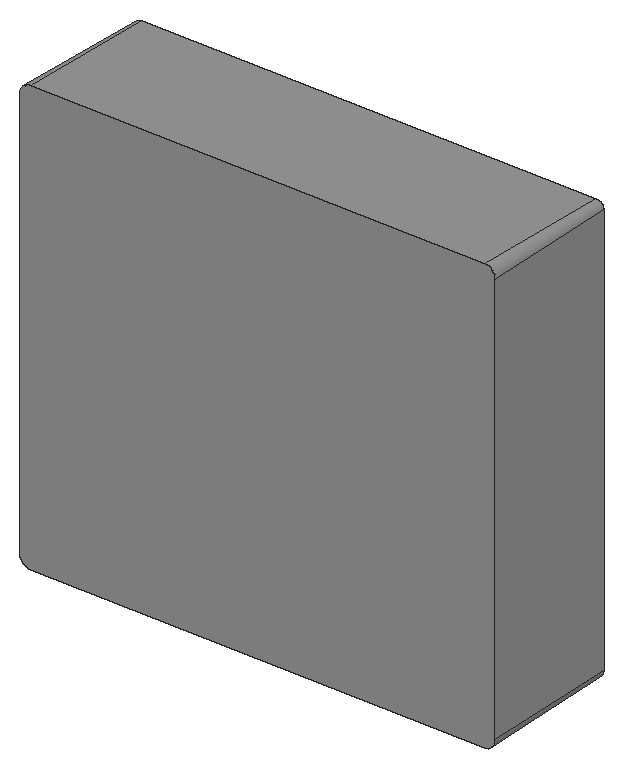
Revit family "L&L_LUCE&LIGHT_PASITO_1.2", category Lighting Fixtures, host Wall, Revit 2018 (continued)
Types (2, lengths in mm): name | Photometric Web File | built-in parameter 1150142
    0.00 0.00 \r\n0.00 0.00 0.00 0.00 0.00 0.00 0.00 0.00 0.00 0.00 0.00 \r\n0.00 0.00 0.00 0.00 0.00 0.00 0.00 0.00 0.00 0.00 0.00 \r\n0.00 0.00 0.00 0.00 0.00 0.00 0.00 0.00 0.00 0.00 0.00 \r\n0.00 0.00 0.00 0.00 0.00 0.00 0.00 0.00 0.00 0.00 0.00 \r\n0.00 0.00 0.00 0.00 0.00 0.00 0.00 0.00 0.00 0.00 0.00 \r\n0.00 0.00 0.00 0.01 0.02 \r\n0.14 0.09 0.05 0.00 0.00 0.00 0.00 0.00 0.00 0.00 0.00 \r\n0.00 0.00 0.00 0.00 0.00 0.00 0.00 0.00 0.00 0.00 0.00 \r\n0.00 0.00 0.00 0.00 0.00 0.00 0.00 0.00 0.00 0.00 0.00 \r\n0.00 0.00 0.00 0.00 0.00 0.00 0.00 0.00 0.00 0.00 0.00 \r\n0.00 0.00 0.00 0.00 0.00 0.00 0.00 0.00 0.00 0.00 0.00 \r\n0.00 0.00 0.00 0.00 0.00 0.00 0.00 0.00 0.00 0.00 0.00 \r\n0.00 0.00 0.00 0.00 0.00 0.00 0.00 0.00 0.00 0.00 0.00 \r\n0.00 0.00 0.00 0.00 0.00 0.00 0.00 0.00 0.00 0.00 0.00 \r\n0.00 0.00 0.00 0.00 0.00 0.00 0.00 0.00 0.00 0.00 0.00 \r\n0.00 0.00 0.00 0.00 0.00 0.00 0.00 0.00 0.00 0.00 0.00 \r\n0.00 0.00 0.00 0.00 0.00 0.00 0.00 0.00 0.00 0.00 0.00 \r\n0.00 0.00 0.00 0.00 0.00 0.00 0.00 0.00 0.00 0.00 0.00 \r\n0.00 0.00 0.00 0.00 0.00 0.00 0.00 0.00 0.00 0.00 0.00 \r\n0.00 0.00 0.00 0.00 0.00 0.00 0.00 0.00 0.00 0.00 0.00 \r\n0.00 0.00 0.00 0.00 0.00 0.00 0.00 0.00 0.00 0.00 0.00 \r\n0.00 0.00 0.00 0.00 0.00 0.00 0.00 0.00 0.00 0.00 0.00 \r\n0.00 0.00 0.01 0.01 0.02 \r\n0.14 0.11 0.07 0.03 0.00 0.00 0.00 0.00 0.00 0.00 0.00 \r\n0.00 0.00 0.00 0.00 0.00 0.00 0.00 0.00 0.00 0.00 0.00 \r\n0.00 0.00 0.00 0.00 0.00 0.00 0.00 0.00 0.00 0.00 0.00 \r\n0.00 0.00 0.00 0.00 0.00 0.00 0.00 0.00 0.00 0.00 0.00 \r\n0.00 0.00 0.00 0.00 0.00 0.00 0.00 0.00 0.00 0.00 0.00 \r\n0.00 0.00 0.00 0.00 0.00 0.00 0.00 0.00 0.00 0.00 0.00 \r\n0.00 0.00 0.00 0.00 0.00 0.00 0.00 0.00 0.00 0.00 0.00 \r\n0.00 0.00 0.00 0.00 0.00 0.00 0.00 0.00 0.00 0.00 0.00 \r\n0.00 0.00 0.00 0.00 0.00 0.00 0.00 0.00 0.00 0.00 0.00 \r\n0.00 0.00 0.00 0.00 0.00 0.00 0.00 0.00 0.00 0.00 0.00 \r\n0.00 0.00 0.00 0.00 0.00 0.00 0.00 0.00 0.00 0.00 0.00 \r\n0.00 0.00 0.00 0.00 0.00 0.00 0.00 0.00 0.00 0.00 0.00 \r\n0.00 0.00 0.00 0.00 0.00 0.00 0.00 0.00 0.00 0.00 0.00 \r\n0.00 0.00 0.00 0.00 0.00 0.00 0.00 0.00 0.00 0.00 0.00 \r\n0.00 0.00 0.00 0.00 0.00 0.00 0.00 0.00 0.00 0.00 0.00 \r\n0.00 0.00 0.00 0.00 0.00 0.00 0.00 0.00 0.00 0.00 0.00 \r\n0.00 0.01 0.01 0.01 0.02 \r\n0.14 0.12 0.09 0.07 0.04 0.02 0.00 0.00 0.00 0.00 0.00 \r\n0.00 0.00 0.00 0.00 0.00 0.00 0.00 0.00 0.00 0.00 0.00 \r\n0.00 0.00 0.00 0.00 0.00 0.00 0.00 0.00 0.00 0.00 0.00 \r\n0.00 0.00 0.00 0.00 0.00 0.00 0.00 0.00 0.00 0.00 0.00 \r\n0.00 0.00 0.00 0.00 0.00 0.00 0.00 0.00 0.00 0.00 0.00 \r\n0.00 0.00 0.00 0.00 0.00 0.00 0.00 0.00 0.00 0.00 0.00 \r\n0.00 0.00 0.00 0.00 0.00 0.00 0.00 0.00 0.00 0.00 0.00 \r\n0.00 0.00 0.00 0.00 0.00 0.00 0.00 0.00 0.00 0.00 0.00 \r\n0.00 0.00 0.00 0.00 0.00 0.00 0.00 0.00 0.00 0.00 0.00 \r\n0.00 0.00 0.00 0.00 0.00 0.00 0.00 0.00 0.00 0.00 0.00 \r\n0.00 0.00 0.00 0.00 0.00 0.00 0.00 0.00 0.00 0.00 0.00 \r\n0.00 0.00 0.00 0.00 0.00 0.00 0.00 0.00 0.00 0.00 0.00 \r\n0.00 0.00 0.00 0.00 0.00 0.00 0.00 0.00 0.00 0.00 0.00 \r\n0.00 0.00 0.00 0.00 0.00 0.00 0.00 0.00 0.00 0.00 0.00 \r\n0.00 0.00 0.00 0.00 0.00 0.00 0.00 0.00 0.00 0.00 0.00 \r\n0.00 0.00 0.00 0.00 0.00 0.00 0.00 0.00 0.00 0.00 0.01 \r\n0.01 0.01 0.02 0.02 0.02 \r\n0.14 0.13 0.11 0.10 0.09 0.08 0.07 0.06 0.05 0.03 0.02 \r\n0.01 0.00 0.00 0.00 0.00 0.00 0.00 0.00 0.00 0.00 0.00 \r\n0.00 0.00 0.00 0.00 0.00 0.00 0.00 0.00 0.00 0.00 0.00 \r\n0.00 0.00 0.00 0.00 0.00 0.00 0.00 0.00 0.00 0.00 0.00 \r\n0.00 0.00 0.00 0.00 0.00 0.00 0.00 0.00 0.00 0.00 0.00 \r\n0.00 0.00 0.00 0.00 0.00 0.00 0.00 0.00 0.00 0.00 0.00 \r\n0.00 0.00 0.00 0.00 0.00 0.00 0.00 0.00 0.00 0.00 0.00 \r\n0.00 0.00 0.00 0.00 0.00 0.00 0.00 0.00 0.00 0.00 0.00 \r\n0.00 0.00 0.00 0.00 0.00 0.00 0.00 0.00 0.00 0.00 0.00 \r\n0.00 0.00 0.00 0.00 0.00 0.00 0.00 0.00 0.00 0.00 0.00 \r\n0.00 0.00 0.00 0.00 0.00 0.00 0.00 0.00 0.00 0.00 0.00 \r\n0.00 0.00 0.00 0.00 0.00 0.00 0.00 0.00 0.00 0.00 0.00 \r\n0.00 0.00 0.00 0.00 0.00 0.00 0.00 0.00 0.00 0.00 0.00 \r\n0.00 0.00 0.00 0.00 0.00 0.00 0.00 0.00 0.00 0.00 0.00 \r\n0.00 0.00 0.00 0.00 0.00 0.00 0.00 0.00 0.00 0.00 0.00 \r\n0.00 0.00 0.00 0.00 0.00 0.01 0.01 0.01 0.02 0.02 0.03 \r\n0.03 0.03 0.02 0.02 0.02 \r\n0.14 0.14 0.13 0.13 0.13 0.13 0.13 0.13 0.14 0.14 0.15 \r\n0.15 0.16 0.17 0.17 0.18 0.19 0.20 0.21 0.22 0.22 0.23 \r\n0.24 0.25 0.26 0.27 0.28 0.29 0.30 0.31 0.32 0.33 0.34 \r\n0.36 0.37 0.38 0.39 0.40 0.41 0.42 0.43 0.44 0.46 0.47 \r\n0.48 0.49 0.50 0.51 0.52 0.53 0.54 0.55 0.56 0.57 0.58 \r\n0.59 0.60 0.61 0.62 0.63 0.64 0.65 0.66 0.67 0.68 0.69 \r\n0.70 0.71 0.71 0.72 0.73 0.74 0.75 0.76 0.76 0.77 0.78 \r\n0.79 0.79 0.80 0.81 0.82 0.83 0.83 0.84 0.85 0.86 0.86 \r\n0.87 0.88 0.88 0.89 0.89 0.90 0.90 0.90 0.91 0.91 0.91 \r\n0.91 0.91 0.91 0.91 0.91 0.91 0.90 0.90 0.90 0.89 0.88 \r\n0.88 0.87 0.86 0.85 0.84 0.83 0.82 0.81 0.80 0.79 0.78 \r\n0.77 0.77 0.76 0.75 0.74 0.73 0.72 0.71 0.70 0.69 0.68 \r\n0.67 0.65 0.64 0.62 0.61 0.59 0.58 0.56 0.55 0.53 0.51 \r\n0.49 0.48 0.46 0.44 0.42 0.40 0.39 0.37 0.35 0.33 0.32 \r\n0.30 0.28 0.27 0.25 0.23 0.22 0.20 0.19 0.18 0.16 0.15 \r\n0.13 0.12 0.11 0.09 0.08 0.08 0.08 0.07 0.07 0.07 0.07 \r\n0.06 0.05 0.03 0.02 0.02 \r\n0.14 0.14 0.14 0.14 0.15 0.16 0.17 0.18 0.19 0.20 0.21 \r\n0.23 0.28 0.34 0.41 0.48 0.56 0.63 0.73 0.85 0.97 1.09 \r\n1.22 1.34 1.47 1.59 1.71 1.83 1.95 2.07 2.19 2.32 2.45 \r\n2.58 2.71 2.84 2.97 3.10 3.21 3.33 3.46 3.60 3.75 3.90 \r\n4.06 4.21 4.35 4.50 4.65 4.80 4.97 5.15 5.35 5.56 5.78 \r\n6.02 6.26 6.51 6.76 7.00 7.24 7.47 7.68 7.88 8.08 8.25 \r\n8.39 8.53 8.66 8.77 8.86 8.92 8.97 9.01 9.04 9.07 9.10 \r\n9.13 9.16 9.18 9.19 9.19 9.17 9.14 9.09 9.03 8.96 8.88 \r\n8.79 8.70 8.61 8.53 8.46 8.38 8.29 8.19 8.07 7.94 7.78 \r\n7.59 7.38 7.13 6.88 6.61 6.34 6.08 5.84 5.61 5.40 5.19 \r\n4.98 4.78 4.58 4.39 4.21 4.04 3.88 3.73 3.60 3.47 3.35 \r\n3.23 3.12 3.02 2.92 2.83 2.74 2.65 2.56 2.47 2.38 2.29 \r\n2.21 2.13 2.06 1.98 1.91 1.85 1.78 1.71 1.64 1.57 1.51 \r\n1.44 1.38 1.32 1.26 1.21 1.15 1.10 1.04 0.99 0.94 0.89 \r\n0.84 0.79 0.74 0.69 0.65 0.60 0.56 0.51 0.47 0.43 0.40 \r\n0.36 0.33 0.29 0.26 0.24 0.22 0.20 0.18 0.16 0.14 0.13 \r\n0.10 0.07 0.05 0.03 0.02 \r\n0.14 0.14 0.14 0.15 0.18 0.22 0.27 0.37 0.47 0.58 0.74 \r\n0.90 1.09 1.32 1.56 1.79 2.02 2.25 2.43 2.57 2.71 2.84 \r\n2.94 3.05 3.16 3.29 3.43 3.58 3.75 3.93 4.11 4.34 4.58 \r\n4.83 5.09 5.36 5.63 5.92 6.21 6.50 6.79 7.07 7.33 7.61 \r\n7.90 8.23 8.58 8.93 9.26 9.56 9.86 10.17 10.50 10.82 \r\n11.15 11.47 11.78 12.07 12.36 12.61 12.85 13.06 13.24 \r\n13.41 13.55 13.68 13.79 13.89 13.99 14.07 14.14 14.19 \r\n14.22 14.24 14.25 14.24 14.23 14.22 14.20 14.17 14.12 \r\n14.06 13.97 13.88 13.77 13.66 13.54 13.42 13.29 13.16 \r\n13.03 12.80 12.54 12.26 11.99 11.75 11.55 11.39 11.24 \r\n11.10 10.95 10.78 10.59 10.37 10.13 9.87 9.59 9.30 9.01 \r\n8.71 8.42 8.14 7.86 7.59 7.32 7.07 6.82 6.59 6.37 6.17 \r\n5.97 5.77 5.58 5.39 5.20 5.01 4.83 4.66 4.50 4.34 4.19 \r\n4.04 3.90 3.76 3.63 3.50 3.36 3.23 3.10 2.97 2.85 2.74 \r\n2.63 2.53 2.43 2.32 2.21 2.11 2.01 1.91 1.82 1.73 1.64 \r\n1.55 1.47 1.39 1.31 1.23 1.14 1.06 0.98 0.91 0.85 0.78 \r\n0.72 0.65 0.59 0.53 0.47 0.42 0.38 0.34 0.30 0.27 0.23 \r\n0.19 0.15 0.10 0.06 0.04 0.02 \r\n0.14 0.13 0.14 0.18 0.25 0.41 0.60 0.84 1.09 1.37 1.65 \r\n1.93 2.19 2.39 2.56 2.68 2.80 2.91 3.03 3.17 3.35 3.57 \r\n3.81 4.09 4.37 4.68 5.00 5.34 5.69 6.04 6.42 6.85 7.30 \r\n7.74 8.14 8.52 9.02 9.54 10.12 10.74 11.39 12.01 12.48 \r\n16.16 18.59 19.07 17.91 16.23 18.88 22.23 20.67 19.75 \r\n21.44 20.56 24.45 30.24 33.07 36.53 42.03 46.68 50.98 \r\n59.62 71.03 81.44 91.48 102.28 114.79 129.59 146.12 \r\n165.74 188.85 216.41 248.40 284.37 324.39 369.05 415.66 \r\n464.33 513.42 559.23 597.78 624.99 637.65 632.79 607.10 \r\n556.96 480.39 384.56 281.37 183.33 103.17 64.19 39.34 \r\n25.13 17.71 13.90 13.72 13.53 13.34 13.15 12.96 12.78 \r\n12.62 12.49 12.37 12.23 12.04 11.82 11.58 11.35 11.07 \r\n10.80 10.54 10.29 10.04 9.78 9.52 9.24 8.97 8.70 8.44 \r\n8.18 7.93 7.68 7.43 7.20 6.98 6.76 6.54 6.33 6.11 5.90 \r\n5.68 5.48 5.28 5.08 4.89 4.70 4.51 4.33 4.15 3.98 3.82 \r\n3.66 3.51 3.36 3.21 3.06 2.92 2.78 2.64 2.50 2.37 2.25 \r\n2.13 2.00 1.88 1.76 1.64 1.53 1.43 1.33 1.23 1.13 1.04 \r\n0.95 0.87 0.78 0.70 0.63 0.56 0.49 0.43 0.37 0.32 0.26 \r\n0.20 0.13 0.08 0.04 0.02 \r\n0.14 0.13 0.16 0.22 0.43 0.72 1.07 1.44 1.78 2.09 2.31 \r\n2.47 2.61 2.73 2.88 3.05 3.28 3.55 3.84 4.14 4.45 4.79 \r\n5.17 5.58 6.01 6.47 6.97 7.48 7.97 8.48 9.13 9.92 10.85 \r\n11.82 13.29 19.34 31.07 50.93 73.01 91.92 103.79 110.53 \r\n114.24 117.68 121.57 125.48 129.15 132.58 135.58 138.50 \r\n141.42 144.86 148.65 152.71 157.06 161.84 167.08 172.65 \r\n178.70 185.27 192.39 200.13 208.38 216.90 225.46 233.61 \r\n241.00 247.62 253.99 261.21 270.47 282.64 298.22 316.51 \r\n336.14 355.80 374.37 391.73 410.20 432.21 459.60 493.99 \r\n531.24 559.90 568.72 547.02 486.53 394.64 288.14 183.75 \r\n98.00 64.84 42.19 27.74 19.20 15.45 15.26 15.07 14.88 \r\n14.69 14.56 14.46 14.36 14.25 14.15 13.99 13.82 13.64 \r\n13.46 13.26 12.97 12.73 12.53 12.37 12.18 11.94 11.69 \r\n11.43 11.17 10.91 10.66 10.40 10.14 9.87 9.60 9.33 9.06 \r\n8.79 8.53 8.26 8.00 7.73 7.48 7.23 6.99 6.74 6.49 6.25 \r\n6.01 5.79 5.56 5.33 5.10 4.87 4.64 4.43 4.23 4.04 3.85 \r\n3.66 3.48 3.30 3.13 2.96 2.79 2.62 2.46 2.31 2.17 2.03 \r\n1.89 1.75 1.62 1.50 1.38 1.25 1.13 1.02 0.92 0.83 0.75 \r\n0.66 0.58 0.49 0.41 0.33 0.25 0.17 0.10 0.05 0.02 \r\n0.14 0.13 0.17 0.34 0.66 1.09 1.56 1.96 2.24 2.43 2.56 \r\n2.69 2.85 3.08 3.37 3.70 4.04 4.39 4.77 5.20 5.68 6.18 \r\n6.72 7.28 7.85 8.50 9.21 9.97 11.05 12.61 20.95 38.83 \r\n62.79 80.54 90.93 96.25 99.45 103.07 107.12 111.25 115.26 \r\n119.03 122.14 124.78 127.30 130.14 133.68 137.89 142.55 \r\n146.94 150.93 154.81 158.96 163.62 168.69 173.80 178.98 \r\n184.15 189.39 194.66 199.57 204.08 208.38 212.88 217.75 \r\n222.87 228.32 234.04 240.21 247.03 254.54 262.85 272.05 \r\n282.11 292.84 303.93 315.16 326.27 336.40 344.24 348.34 \r\n347.12 339.19 323.22 298.12 263.02 216.98 163.73 109.88 \r\n61.88 26.07 24.09 22.11 20.12 18.09 16.89 16.67 16.45 \r\n16.23 16.01 15.92 15.83 15.74 15.65 15.56 15.47 15.37 \r\n15.27 15.16 14.94 14.74 14.56 14.40 14.23 14.04 13.82 \r\n13.59 13.34 13.08 12.81 12.55 12.29 12.02 11.74 11.45 \r\n11.17 10.89 10.61 10.32 10.02 9.72 9.43 9.14 8.86 8.57 \r\n8.28 7.99 7.71 7.44 7.19 6.92 6.66 6.38 6.10 5.85 5.61 \r\n5.37 5.11 4.85 4.61 4.38 4.15 3.92 3.71 3.49 3.29 3.11 \r\n2.92 2.73 2.54 2.35 2.18 2.02 1.86 1.71 1.57 1.43 1.28 \r\n1.14 1.02 0.92 0.82 0.72 0.62 0.51 0.41 0.30 0.21 0.12 \r\n0.06 0.02 \r\n0.14 0.13 0.18 0.45 0.92 1.48 1.97 2.29 2.45 2.58 2.73 \r\n2.95 3.25 3.60 3.98 4.38 4.81 5.31 5.87 6.46 7.02 7.54 \r\n8.32 9.48 10.37 12.47 19.24 34.75 59.40 79.47 87.46 89.98 \r\n92.71 95.80 98.88 101.87 104.77 107.43 109.70 111.55 \r\n113.70 116.95 121.45 126.53 131.30 135.63 139.69 143.67 \r\n147.47 151.10 154.68 158.30 161.99 165.73 169.27 172.59 \r\n175.83 179.20 182.86 186.79 190.98 195.35 199.81 204.26 \r\n208.60 212.88 217.16 221.60 226.34 231.47 236.83 242.22 \r\n247.32 251.94 256.06 259.87 263.63 267.59 271.37 272.75 \r\n269.16 257.46 235.80 205.50 170.04 133.41 99.43 70.66 \r\n47.81 30.76 19.58 19.18 18.78 18.38 17.97 17.74 17.59 \r\n17.45 17.30 17.12 16.95 16.87 16.83 16.83 16.80 16.76 \r\n16.73 16.69 16.60 16.46 16.32 16.17 16.00 15.81 15.61 \r\n15.39 15.17 14.94 14.70 14.46 14.20 13.93 13.66 13.39 \r\n13.10 12.81 12.51 12.21 11.92 11.62 11.31 11.01 10.71 \r\n10.41 10.10 9.78 9.45 9.14 8.83 8.50 8.18 7.86 7.56 7.26 \r\n6.98 6.71 6.42 6.12 5.83 5.57 5.30 5.01 4.73 4.45 4.19 \r\n3.95 3.71 3.47 3.25 3.05 2.84 2.63 2.42 2.22 2.03 1.85 \r\n1.69 1.54 1.39 1.23 1.09 0.97 0.86 0.74 0.61 0.49 0.36 \r\n0.24 0.14 0.06 0.02 \r\n0.14 0.13 0.24 0.62 1.20 1.80 2.22 2.43 2.57 2.74 2.99 \r\n3.33 3.73 4.16 4.61 5.11 5.69 6.31 6.90 7.62 8.67 9.58 \r\n11.58 14.34 35.18 61.64 76.29 81.73 85.46 88.99 91.82 \r\n94.22 96.40 98.42 100.35 101.74 102.76 104.71 108.12 \r\n112.20 116.28 120.36 124.54 128.65 132.55 136.04 139.16 \r\n142.23 145.45 148.67 151.62 154.27 157.00 159.95 162.88 \r\n165.65 168.52 171.67 175.01 178.40 181.64 184.76 187.85 \r\n191.05 194.40 197.87 201.59 205.59 209.82 214.06 217.98 \r\n221.26 223.79 225.64 226.89 227.60 227.45 226.01 222.86 \r\n216.73 206.11 189.53 165.51 134.90 101.58 70.25 46.06 \r\n34.70 27.10 22.39 19.45 19.27 19.09 18.90 18.71 18.59 \r\n18.48 18.36 18.24 18.16 18.09 18.02 17.95 17.89 17.84 \r\n17.80 17.75 17.70 17.67 17.63 17.57 17.48 17.33 17.15 \r\n16.95 16.74 16.52 16.30 16.08 15.86 15.62 15.37 15.09 \r\n14.81 14.52 14.23 13.94 13.63 13.32 13.02 12.71 12.38 \r\n12.05 11.73 11.43 11.12 10.81 10.47 10.09 9.71 9.38 9.09 \r\n8.76 8.40 8.04 7.71 7.39 7.06 6.77 6.47 6.15 5.82 5.52 \r\n5.23 4.94 4.63 4.32 4.04 3.79 3.54 3.28 3.05 2.82 2.59 \r\n2.36 2.15 1.95 1.76 1.60 1.44 1.28 1.12 0.98 0.85 0.71 \r\n0.56 0.42 0.28 0.16 0.07 0.02 \r\n0.14 0.14 0.30 0.77 1.45 2.04 2.36 2.52 2.69 2.95 3.32 \r\n3.75 4.21 4.69 5.23 5.88 6.55 7.29 8.19 9.11 10.77 20.85 \r\n44.81 66.58 76.90 81.08 84.16 86.98 89.57 91.60 92.94 \r\n94.27 95.49 96.28 97.79 100.58 104.05 107.52 110.87 \r\n114.25 117.63 120.68 123.31 125.73 128.35 131.25 133.81 \r\n135.86 138.13 141.01 144.12 146.85 149.27 151.77 154.44 \r\n157.18 159.91 162.56 165.04 167.30 169.42 171.63 174.15 \r\n177.03 180.22 183.68 187.36 190.99 194.33 197.04 198.91 \r\n199.87 200.26 200.54 201.18 202.14 203.27 201.80 196.26 \r\n184.52 166.72 143.88 117.87 90.60 64.69 42.54 26.68 23.51 \r\n22.23 21.00 19.79 19.67 19.54 19.41 19.29 19.22 19.14 \r\n19.05 18.98 18.93 18.88 18.82 18.76 18.70 18.66 18.63 \r\n18.60 18.57 18.55 18.52 18.48 18.42 18.32 18.19 18.03 \r\n17.84 17.64 17.42 17.20 16.98 16.75 16.51 16.26 16.00 \r\n15.74 15.46 15.16 14.84 14.54 14.23 13.90 13.56 13.26 \r\n12.94 12.56 12.19 11.88 11.58 11.22 10.85 10.52 10.18 \r\n9.77 9.38 9.05 8.70 8.31 7.93 7.59 7.26 6.92 6.57 6.24 \r\n5.91 5.57 5.26 4.96 4.64 4.31 4.01 3.73 3.46 3.18 2.93 \r\n2.69 2.45 2.22 2.00 1.80 1.63 1.46 1.28 1.10 0.94 0.79 \r\n0.63 0.47 0.32 0.18 0.08 0.02 \r\n0.14 0.14 0.35 0.93 1.67 2.22 2.46 2.61 2.84 3.22 3.67 \r\n4.14 4.64 5.23 5.93 6.65 7.51 8.33 9.57 16.74 37.84 62.54 \r\n75.59 79.17 82.35 85.28 87.64 89.31 90.17 90.78 91.19 \r\n91.81 93.51 96.57 99.72 102.55 105.67 108.82 111.54 \r\n113.94 115.99 117.91 119.93 121.47 122.45 123.80 126.14 \r\n128.67 131.01 133.28 135.59 137.75 139.72 141.76 143.98 \r\n146.08 147.94 149.73 151.61 153.64 155.89 158.36 160.99 \r\n163.70 166.41 168.86 170.99 172.91 174.70 176.27 177.66 \r\n178.90 180.04 181.09 181.77 181.45 179.11 173.20 162.47 \r\n146.39 125.04 100.48 76.01 54.79 39.05 28.63 22.57 20.73 \r\n20.46 20.20 19.94 19.87 19.79 19.71 19.64 19.58 19.53 \r\n19.50 19.47 19.44 19.40 19.37 19.33 19.30 19.28 19.26 \r\n19.23 19.21 19.18 19.16 19.16 19.16 19.13 19.07 18.95 \r\n18.77 18.57 18.36 18.14 17.92 17.69 17.47 17.22 16.95 \r\n16.68 16.43 16.16 15.88 15.57 15.23 14.91 14.62 14.28 \r\n13.90 13.56 13.25 12.87 12.51 12.17 11.80 11.45 11.10 \r\n10.71 10.35 9.96 9.52 9.16 8.82 8.41 8.00 7.62 7.26 6.90 \r\n6.54 6.19 5.83 5.47 5.15 4.83 4.49 4.14 3.83 3.54 3.25 \r\n2.98 2.72 2.48 2.25 2.02 1.80 1.61 1.43 1.23 1.03 0.86 \r\n0.69 0.52 0.35 0.20 0.08 0.02 \r\n0.14 0.14 0.40 1.09 1.86 2.32 2.52 2.70 3.03 3.50 3.97 \r\n4.50 5.11 5.82 6.60 7.51 8.38 9.87 21.46 46.49 67.64 \r\n74.41 78.35 82.03 84.73 86.84 87.45 87.56 87.84 88.40 \r\n89.94 92.73 95.67 98.25 101.05 103.76 106.03 108.07 \r\n109.80 111.49 112.98 113.78 114.41 115.78 117.76 119.53 \r\n121.22 123.14 124.86 126.17 127.51 129.19 130.86 132.21 \r\n133.25 134.10 135.09 136.48 138.28 140.29 142.20 143.93 \r\n145.70 147.52 149.31 151.03 152.48 153.67 154.76 155.77 \r\n156.61 157.32 158.22 159.46 160.69 160.23 156.22 147.28 \r\n132.68 113.55 91.76 69.49 49.26 33.34 25.13 22.66 21.30 \r\n20.23 20.15 20.08 20.00 19.97 19.93 19.89 19.87 19.85 \r\n19.83 19.80 19.78 19.77 19.75 19.74 19.73 19.72 19.72 \r\n19.72 19.72 19.71 19.70 19.67 19.64 19.63 19.63 19.63 \r\n19.60 19.50 19.35 19.15 18.94 18.71 18.48 18.25 18.02 \r\n17.77 17.51 17.24 16.95 16.67 16.42 16.11 15.76 15.40 \r\n15.08 14.78 14.41 14.06 13.70 13.36 13.01 12.58 12.21 \r\n11.85 11.46 11.11 10.73 10.30 9.91 9.48 9.09 8.70 8.27 \r\n7.87 7.49 7.11 6.74 6.39 6.01 5.62 5.24 4.91 4.57 4.20 \r\n3.86 3.56 3.26 2.97 2.72 2.47 2.22 1.98 1.75 1.55 1.34 \r\n1.12 0.92 0.74 0.57 0.39 0.22 0.09 0.02 \r\n0.14 0.14 0.47 1.22 1.99 2.41 2.57 2.82 3.24 3.73 4.25 \r\n4.87 5.58 6.37 7.29 8.23 9.87 21.21 47.44 66.29 71.26 \r\n75.44 78.91 81.97 83.73 84.14 84.41 84.55 85.59 88.07 \r\n91.04 93.62 96.68 99.50 101.74 103.70 105.10 106.26 \r\n107.11 107.44 107.40 108
